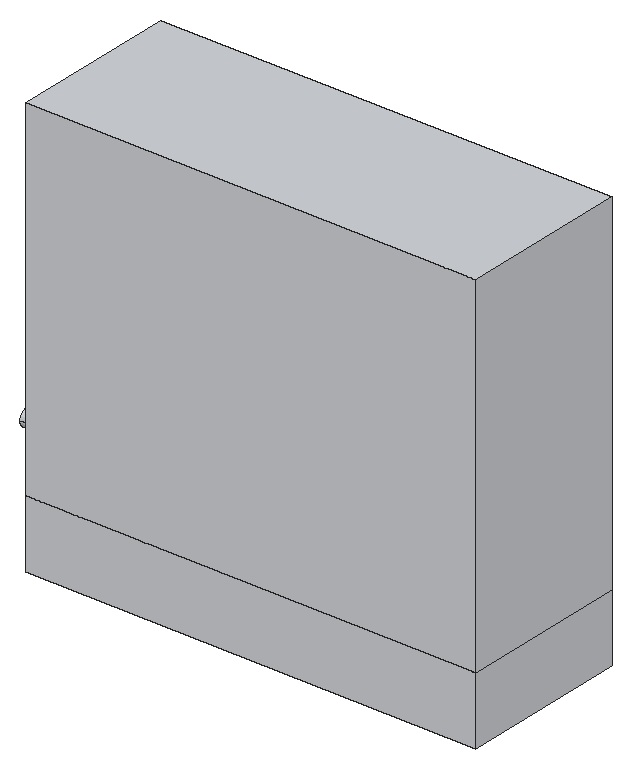
Revit family "Serpentina AHU - Expansão direta - HDT", category Equipamento mecânico, Revit 2019
Family settings
  Cota do conector redondo = Usar raio
  Tipo de parte = Normal
  ID de item do Seek = AHU Coil - Refrigerant - Indoor-0000-USA-ENU
  Com base no plano de trabalho = Não
  Sempre na vertical = Sim
  Corte com vazios quando carregada = Não
  Compartilhado = Não
  Ponto de cálculo do ambiente = Não
Parameters (values of type "Padrão")
  Caída de pressão DX [instance] = 39817.0 Pa
  Voltagem = 230 V
  Número de pólos = 1
  Classificação de carga = Refrigeração
  Altura do conector elétrico = 372.5 mm
  Altura de conexão DX 2 = 650 mm
  Altura de conexão DX 1 = 200 mm
  Largura do duto = 800 mm
  Altura do duto = 625 mm
  Raio da condensação = 11 mm
  Largura da serpentina = 300 mm
  Comprimento da serpentina = 800 mm
  Altura da serpentina = 745 mm
  Material base = none
  Altura base = 120 mm
  Velocidade do ar [instance] = 0.0 m/s
  Fluxo de ar [instance] = Velocidade do ar * Altura do duto * Largura do duto  # 0.0 L/s
  Raio 2 = Raio DX + 25 mm  # 39 mm
  Raio 1 = Raio 2 / 2  # 19.5 mm
  Fluxo da drenagem [instance] = 0.0 L/s
  Material da serpentina = none
  Raio DX = 14 mm
  Fluxo DX [instance] = 1.0 L/s
  Diâmetro DX = Raio DX * 2  # 28 mm
  Queda de pressão do ar [instance] = 192.0 Pa
Reference planes
  plane 1 "Parte frontal": y = 0
  plane 2 "Inferior": z = 0
  plane 3 "Centro (direita/esquerda)": x = 0
  plane 4 "Esquerda": x = -400
  plane 5 "Direita": x = 400
  plane 6 "Centro (Frente/Trás)": y = 150
  plane 7 "Parte posterior": y = 300
  plane 8: y = 274.6
  plane 9: y = 235.6
  plane 10: y = 25.4
  plane 11: y = 64.4
  plane 12 "Superior": z = 745
  plane 13: z = 685
  plane 14: z = 60
  plane 15: x = 400
  plane 16: x = -400
  plane 17: x = -450
  plane 18: x = -400
  plane 19: x = -450
  plane 20: z = 120
  plane 21: z = 200
  plane 22: z = 650
  plane 23: z = 372.5
  plane 24 "Base": z = 120
  plane 25: z = 422.5
  plane 26: z = 322.5
  plane 27: z = 372.5
Forms (mm)
  Extrusion 1, solid, material <- "Material da serpentina"
    sketch origin (0, 0, 0) x (1, 0, 0) y (0, 0, 1)
      loop
        line (-400, 745) -> (-400, 120) -> (400, 120) -> (400, 745) -> (-400, 745)
    from -300 to 0
  Extrusion 2, solid, material <- "Material da serpentina"
    sketch origin (0, 0, 0) x (0, 1, 0) y (0, 0, 1)
      loop
        circle (150, 120) r 11
    from -450 to -400
  Extrusion 3, solid, material <- "Material da serpentina"
    sketch origin (0, 0, 0) x (0, 1, 0) y (0, 0, 1)
      loop
        circle (235.6, 650) r 14
      loop
        circle (64.4, 200) r 14
    from -450 to -400
  Extrusion 4, solid, material <- "Material da serpentina"
    sketch origin (-400, 4.682, 120) x (0, 0, 1) y (0, 1, 0)
      loop
        line (302.5, 257.818) -> (202.5, 257.818) -> (202.5, 32.818) -> (302.5, 32.818) -> (302.5, 257.818)
    from 0 to 5
  Extrusion 5, solid, material <- "Material base"
    sketch origin (0, 0, -340) x (1, 0, 0) y (0, 0, 1)
      loop
        line (-400, 460) -> (-400, 340) -> (400, 340) -> (400, 460) -> (-400, 460)
    from -300 to 0
Cuts and joins
  joined: Extrusion 1, Extrusion 2, Extrusion 3
Dimensions and locks
  equal spacing: plane 7 "Parte posterior", plane 6 "Centro (Frente/Trás)", plane 1 "Parte frontal"
  "Largura da serpentina": plane 7 "Parte posterior" to plane 1 "Parte frontal"
  equal spacing: plane 4 "Esquerda", plane 3 "Centro (direita/esquerda)", plane 5 "Direita"
  "Comprimento da serpentina": plane 4 "Esquerda" to plane 5 "Direita"
  locked: plane 7 "Parte posterior" to plane 8 at 25.4
  "Raio 2": plane 8 to plane 9
  locked: plane 1 "Parte frontal" to plane 10 at 25.4
  "Raio 2": plane 11 to plane 10
  "Altura da serpentina": plane 12 "Superior" to plane 2 "Inferior"
  plane 20 to plane 2 "Inferior" = 120 mm
  equal spacing: plane 16, plane 3 "Centro (direita/esquerda)", plane 15
  "Largura do duto": plane 16 to plane 15
  equal spacing: plane 12 "Superior", plane 23, plane 2 "Inferior"
  equal spacing: plane 13, plane 23, plane 14
  "Altura do duto": plane 13 to plane 14
  "Altura base": plane 24 "Base" to plane 2 "Inferior"
  plane 4 "Esquerda" to plane 19 = 50 mm
  plane 18 to plane 17 = 50 mm
  "Altura de conexão DX 1": plane 21 to plane 2 "Inferior"
  "Altura de conexão DX 2": plane 22 to plane 2 "Inferior"
  locked: plane 25 to plane 26 at 100
  equal spacing: plane 25, plane 27, plane 26
  "Altura do conector elétrico": plane 27 to plane 2 "Inferior"
  "Raio da condensação": radius of Extrusion 2 sketch curve
  "Raio DX": radius of Extrusion 3 sketch curve  (x2)
  aligned and locked: plane 4 "Esquerda" to Extrusion 1 sketch curve
  aligned and locked: Extrusion 1 sketch curve to plane 12 "Superior"
  aligned and locked: plane 5 "Direita" to Extrusion 1 sketch curve
  aligned and locked: plane 7 "Parte posterior" to Extrusion 1
  aligned and locked: plane 1 "Parte frontal" to Extrusion 1
  aligned and locked: plane 6 "Centro (Frente/Trás)" to Extrusion 2 sketch curve
  aligned and locked: plane 20 to Extrusion 2 sketch curve
  aligned and locked: Extrusion 2 to plane 17
  aligned and locked: plane 4 "Esquerda" to Extrusion 2
  aligned and locked: plane 11 to Extrusion 3 sketch curve
  aligned and locked: plane 21 to Extrusion 3 sketch curve
  aligned and locked: plane 9 to Extrusion 3 sketch curve
  aligned and locked: plane 22 to Extrusion 3 sketch curve
  aligned and locked: Extrusion 3 to plane 19
  aligned and locked: plane 18 to Extrusion 3
  aligned and locked: plane 18 to plane 4 "Esquerda"
  aligned and locked: plane 24 "Base" to Extrusion 1 sketch curve
  aligned and locked: plane 24 "Base" to Extrusion 5
  aligned and locked: Extrusion 5 to plane 2 "Inferior"
  aligned and locked: plane 7 "Parte posterior" to Extrusion 5
Automatic sketch dimensions
  Extrusion 1 to Extrusion 4 sketch curve = 37.5 mm  (x2)
  Extrusion 4 sketch curve to Extrusion 1 = 202.5 mm
  Extrusion 4 sketch curve to Extrusion 4 sketch curve = 100 mm
  Extrusion 5 sketch curve to plane 4 "Esquerda" = 0 mm
  plane 5 "Direita" to Extrusion 5 sketch curve = 0 mm
  Extrusion 5 sketch curve to level = 0 mm
  Extrusion 5 sketch curve to plane 25 = 302.5 mm
Connectors
  piping at (-450, 235.6, 650), diameter 28, driven by "Fluxo DX", driven by "Caída de pressão DX", driven by "Raio DX"
    settings: on cut or joined group of Extrusion 1, Extrusion 2, Extrusion 3, index 3, connector inside diameter 28 mm, connector length 0 mm, flow factor 0, pipe flow 1.0 L/s, pressure drop 39817.0 Pa, fitting loss kfactor 0, connector angle 0.00°, fixture units 0, engagement length 0 mm, angle of deflection 0.00°, flow configuration 1, flow direction 2, fitting loss method 4, system type 22, joint type 0, gender type 0, connector reference index 4, connector utility 0, adjustable connector no, is connector primary yes, connector description "Saída do refrigerante"
  piping at (-450, 64.4, 200), diameter 28, driven by "Raio DX", driven by "Fluxo DX"
    settings: on cut or joined group of Extrusion 1, Extrusion 2, Extrusion 3, index 4, connector inside diameter 28 mm, connector length 0 mm, flow factor 0, pipe flow 1.0 L/s, pressure drop 0.0 Pa, fitting loss kfactor 0, connector angle 0.00°, fixture units 0, engagement length 0 mm, angle of deflection 0.00°, flow configuration 1, flow direction 1, fitting loss method 4, system type 22, joint type 0, gender type 0, connector reference index 3, connector utility 0, adjustable connector no, is connector primary no, connector description "Entrada do refrigerante"
  piping at (-450, 150, 120), diameter 22, driven by "Raio da condensação", driven by "Fluxo da drenagem"
    settings: on cut or joined group of Extrusion 1, Extrusion 2, Extrusion 3, index 5, connector inside diameter 22 mm, connector length 0 mm, flow factor 0, pipe flow 0.0 L/s, pressure drop 0.0 Pa, fitting loss kfactor 0, connector angle 0.00°, fixture units 0, engagement length 0 mm, angle of deflection 0.00°, flow configuration 1, flow direction 2, fitting loss method 0, system type 16, joint type 0, gender type 0, connector reference index -1, connector utility 0, adjustable connector yes, is connector primary no, connector description "Saída da drenagem"
  electrical at (-405, 150, 372.5), driven by "Número de pólos", driven by "Classificação de carga", driven by "Voltagem"
    settings: on Extrusion 4, index 8, voltage 230 V, apparent load 0 VA, apparent load phase1 0 VA, apparent load phase2 0 VA, apparent load phase3 0 VA, power factor 1, load classification "Refrigeração", number of poles 1, system type 31, power factor state 1, is connector primary yes, connector utility no, sub classification motor no, connector description "Potência"
  hvac at (0, 300, 432.5), driven by "Altura do duto", driven by "Largura do duto", driven by "Fluxo de ar", driven by "Queda de pressão do ar"
    settings: on cut or joined group of Extrusion 1, Extrusion 2, Extrusion 3, index 9, duct flow 0.0 L/s, flow factor 0, pres drop 192.0 Pa, loss coef 0, conn angle 0.00°, conn width 800 mm, conn height 625 mm, conn diameter 609.6 mm, duct sys type 1, conn prof type 1, flow config 0, flow direction 2, loss method 4, conn ref index 10, conn util no, is conn primary yes, conn desc "Saída de suprimento de ar"
  hvac at (0, 0, 432.5), driven by "Fluxo de ar", driven by "Altura do duto", driven by "Largura do duto"
    settings: on cut or joined group of Extrusion 1, Extrusion 2, Extrusion 3, index 10, duct flow 0.0 L/s, flow factor 0, pres drop 0.0 Pa, loss coef 0, conn angle 0.00°, conn width 800 mm, conn height 625 mm, conn diameter 609.6 mm, duct sys type 2, conn prof type 1, flow config 0, flow direction 1, loss method 0, conn ref index 9, conn util no, is conn primary no, conn desc "Entrada de ar fresco"
Types in the file's own list only (18): name | Altura do conector elétrico | Altura de conexão DX 2 | Altura de conexão DX 1 | Largura do duto | Altura do duto | Largura da serpentina | Comprimento da serpentina | Altura da serpentina | Raio 2 | Raio 1 | Raio DX | Diâmetro DX
  Para 0.24 metros quadrados de serpentina | 313 mm | 645 mm | 220 mm | 800 mm | 625 mm | 350 mm | 800 mm | 745 mm | 38 mm | 19 mm | 13 mm | 25 mm
  Para 0.31 metros quadrados de serpentina | 313 mm | 645 mm | 220 mm | 975 mm | 625 mm | 350 mm | 975 mm | 745 mm | 38 mm | 19 mm | 13 mm | 25 mm
  Para 0.47 metros quadrados de serpentina | 313 mm | 645 mm | 220 mm | 1325 mm | 625 mm | 350 mm | 1325 mm | 745 mm | 38 mm | 19 mm | 13 mm | 25 mm
  Para 0.67 metros quadrados de serpentina | 400 mm | 820 mm | 220 mm | 1325 mm | 800 mm | 350 mm | 1325 mm | 920 mm | 38 mm | 19 mm | 13 mm | 25 mm
  Para 0.78 metros quadrados de serpentina | 400 mm | 820 mm | 220 mm | 1500 mm | 800 mm | 350 mm | 1500 mm | 920 mm | 38 mm | 19 mm | 13 mm | 25 mm
  Para 0.98 metros quadrados de serpentina | 488 mm | 995 mm | 220 mm | 1500 mm | 975 mm | 350 mm | 1500 mm | 1095 mm | 38 mm | 19 mm | 13 mm | 25 mm
  Para 1.13 metros quadrados de serpentina | 488 mm | 995 mm | 220 mm | 1675 mm | 975 mm | 350 mm | 1675 mm | 1095 mm | 38 mm | 19 mm | 13 mm | 25 mm
  Para 1.57 metros quadrados de serpentina | 575 mm | 1170 mm | 220 mm | 1850 mm | 1150 mm | 350 mm | 1850 mm | 1270 mm | 38 mm | 19 mm | 13 mm | 25 mm
  Para 1.88 metros quadrados de serpentina | 750 mm | 1520 mm | 220 mm | 1675 mm | 1500 mm | 350 mm | 1675 mm | 1620 mm | 38 mm | 19 mm | 13 mm | 25 mm
  Para 2.12 metros quadrados de serpentina | 750 mm | 1520 mm | 220 mm | 1850 mm | 1500 mm | 350 mm | 1850 mm | 1620 mm | 38 mm | 19 mm | 13 mm | 25 mm
  Para 2.44 metros quadrados de serpentina | 838 mm | 1695 mm | 220 mm | 2025 mm | 1675 mm | 350 mm | 2025 mm | 1795 mm | 38 mm | 19 mm | 13 mm | 25 mm
  Para 2.88 metros quadrados de serpentina | 925 mm | 1870 mm | 220 mm | 2025 mm | 1850 mm | 350 mm | 2025 mm | 1970 mm | 38 mm | 19 mm | 13 mm | 25 mm
  Para 3.17 metros quadrados de serpentina | 925 mm | 1870 mm | 220 mm | 2200 mm | 1850 mm | 350 mm | 2200 mm | 1970 mm | 38 mm | 19 mm | 13 mm | 25 mm
  Para 3.46 metros quadrados de serpentina | 925 mm | 1870 mm | 220 mm | 2375 mm | 1850 mm | 350 mm | 2375 mm | 1970 mm | 38 mm | 19 mm | 13 mm | 25 mm
  Para 3.86 metros quadrados de serpentina | 1013 mm | 2045 mm | 220 mm | 2375 mm | 2025 mm | 350 mm | 2375 mm | 2145 mm | 38 mm | 19 mm | 13 mm | 25 mm
  Para 4.19 metros quadrados de serpentina | 1100 mm | 2220 mm | 220 mm | 2375 mm | 2200 mm | 350 mm | 2375 mm | 2320 mm | 38 mm | 19 mm | 13 mm | 25 mm
  Para 5.25 metros quadrados de serpentina | 1100 mm | 2220 mm | 220 mm | 2900 mm | 2200 mm | 350 mm | 2900 mm | 2320 mm | 38 mm | 19 mm | 13 mm | 25 mm
  Para 6.16 metros quadrados de serpentina | 1275 mm | 2570 mm | 220 mm | 2900 mm | 2550 mm | 350 mm | 2900 mm | 2670 mm | 38 mm | 19 mm | 13 mm | 25 mm
